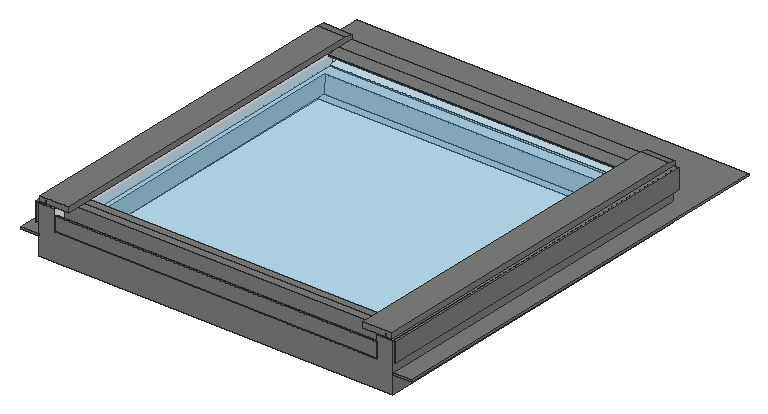
Revit family "GIU_v_2.5", category Windows, host Roof, Revit 2014
Parameters (values of type "GIU size 940x920 (PK34)")
  g-value = "0.48"
  Youtube clip = ""
  Within Standard Sizes = or(and(Width = 780.000 mm, Height = 920.000 mm), and(Width = 940.000 mm, Height = 920.000 mm), and(Width = 1140.000 mm, Height = 920.000 mm), and(Width = 1340.000 mm, Height = 920.000 mm), and(Width = 1340.000 mm, Height = 920.000 mm))  # yes
  WindowArea m² = 0.8648
  Width = 940.000 mm
  Water Tightness Class = "9A"
  WarrantyStartDate = ""
  WarrantyGuarantorParts = ""
  WarrantyGuarantorLabour = ""
  WarrantyDurationParts = ""
  WarrantyDurationLabour = ""
  WarrantyDescription = ""
  Warranty Years = "5 (10 with BDX)"
  VELUX Internal accessories = ""
  VELUX Installation products = ""
  VELUX Flashing = ""
  VELUX External accessories = ""
  Ultraviolet Transmittance = "0.05"
  URL = "www.velux.com"
  ThermalTransmittance(window) W/(m²K) = 1.2
  ThermalTransmittance(glazing) W/(m²K) = 1
  ThermalTransmittance(frame) W/m²K = 1.3
  ThermalTransmittance = "1.3"
  ThermalBridge(glazing) W/mK = 0.057
  ThermalBridge(Installation) W/mK = 0.09
  Thermal Resistance (R) = 0.833333 (m²·K)/W
  Technical description = ""
  TagNumber = ""
  SustainabilityPerformance = ""
  Square Reveal Length = 100.000 mm
  Specification Link = ""
  Sound Insulation db = 35
  SmokeStop = no
  Size = "GIU size 940x920 (PK34)"
  Shape = ""
  ServiceLifeType = ""
  ServiceLifeDuration = ""
  SerialNumber = ""
  SecurityRating = ""
  Roof Slope = 45.00°
  ReplacementCost = ""
  ReferenceStandard = "www.velux.com/ce"
  Reference = ""
  ProductionYear = ""
  Product certification = "www.velux.com/ce"
  Process = ""
  Placement Height = 0.000 mm
  PerimeterWindow m = 3.72
  PerimeterGlazing m = 2.9746
  Other VELUX accessories = ""
  Operation Mode = "Fixed"
  Offset from Roof = Placement Height + 116.000 mm  # 116.000 mm
  NominalWidth = "940"
  NominalLength = ""
  NominalHeight = "920"
  ModelReference = "GIU size 940x920 (PK34)"
  ModelLabel = ""
  Model = "New Generation - GIU"
  MethodOfMeasurement = ""
  Material Internal = Polyurethane color NCS 0500-N
  Material External = Aluminium. Color NCS 7500-N
  Material = "Aluminium. Color NCS 7500-N"
  Manufacturer URL = "VELUX A/S"
  Manufacturer = "VELUX A/S"  # constant formula
  Light transmittance = "0.71"
  LifeCyclePhase = ""
  Labeling - Environmental impact = ""
  IsExternal = yes
  InstallationDate = ""
  Installation instructions = "http://www.velux.co.uk/professional/products/installation-instructions"
  Infiltration = ""
  Height = 920.000 mm
  Grade = ""
  GlazingAreaFraction = ""
  Glazing = Standard, laminted, solar gain, low energy (--73)
  GlassArea m² = 0.56
  Function = "Fixed roof window"
  FrameArea m² = 0.3048
  FireRating = "E"
  Finish = "Polyurethane color NCS 0500-N"
  Features = "Fixed roof window"
  Emergency Exit = 1 > 2  # no
  Documentation = ""
  DocumentReference = ""
  Disclaimer = "When installing VELUX roof windows the costumer must make sure to meet local applicable building and fire requirements. VELUX shall not be liable for the objects/drawings and the constructional quality of the installation. Please contact VELUX for technical specifications of VELUX roof windows, flashings, installations products and internal/external accessories."
  Description = "http://www.velux.co.uk/products/roof-windows/combining-roof-windows"
  Date of publishing = ""
  Count = "1"
  Cost = 0
  Copyright = "VELUX A/S"  # constant formula
  Constituents = ""
  Colour = "Aluminium. Color NCS 7500-N"
  CodePerformance = ""
  BarCode = ""
  AssetIdentifier = ""
  Assembly Code = "B3020110"
  Apron Visible [instance] = yes
  Apron Material = Two layers of aluminium
  Angled opening bottom [instance] = 90.00°
  Allowed Roof Slope = "15°-90°"
  Air permeability Class = "4"
  AcousticRating = "35"
  AccessibilityPerformance = ""
  2d details = "http://www.velux.co.uk/professional/products/cad-bim/product-sectional-drawings/package-drawings"
Types (4, lengths in mm): name | WindowArea m² | Width | Size | PerimeterWindow m | PerimeterGlazing m | NominalWidth | ModelReference | Installation instructions | GlassArea m² | FrameArea m²
  GIU size 1340x920 (UK34) | 1.2328 | 1340.000 | "GIU size 1340x920 (UK34)" | 4.52 | 3.7746 | "1340" | "GIU size 1340x920 (UK34)" | "http://www.velux.co.uk/professional/products/installation-instructions" | 0.85 | 0.3828
  GIU size 940x920 (PK34) | 0.8648 | 940.000 | "GIU size 940x920 (PK34)" | 3.72 | 2.9746 | "940" | "GIU size 940x920 (PK34)" | "http://www.velux.co.uk/professional/products/installation-instructions" | 0.56 | 0.3048
  GIU size 1140x920 (SK34) | 1.0488 | 1140.000 | "GIU size 1140x920 (SK34)" | 4.12 | 3.3746 | "1140" | "GIU size 1140x920 (SK34)" | "http://www.velux.co.uk/professional/products/installation-instructions" | 0.7 | 0.3488
  GIU size 780x920 (MK34) | 0.7176 | 780.000 | "GIU size 780x920 (MK34)" | 3.4 | 2.6546 | "780" | "GIU size 780x920 (MK34)" | "http://www.velux.co.uk/professional/products/installation-instructions " | 0.44 | 0.2776
Reference planes
  plane 1 "Center (Front/Back)": y = 0
  plane 2 "Roof": z = 3997.4
  plane 3 "Center (Left/Right)": x = 0
  plane 4: y = -474.63
  plane 5: y = 474.63
  plane 6: z = 4397.4
  plane 7: x = 428
  plane 8: x = -428
  plane 9: x = -470
  plane 10: x = 470
  plane 11: z = 4547.4
  plane 12: x = -378
  plane 13: x = 378
  plane 14: x = -368
  plane 15: x = 368
  plane 16: x = 439
  plane 17: x = -439
  plane 18: x = 417
  plane 19: x = -417
  plane 20: x = 459
  plane 21: x = -459
  plane 22: y = -414.63
  plane 23: y = -351.13
  plane 24: y = -361.13
  plane 25: y = -392.23
  plane 26 "A": y = 494.63
  plane 27 "Glass bottom": y = 399.63
  plane 28: x = -394.5
  plane 29: x = 394.5
  plane 30: z = 4447.4
  plane 31: z = 4572.4
  plane 32: x = -490
  plane 33: x = 490
  plane 34 "Roof Face": z = 4497.4
  plane 35: y = -485.13
  plane 36: y = -351.13
  plane 37: y = -396.33
  plane 38: y = -477.53
  plane 39: y = 505.37
  plane 40: y = -448.43
  plane 41 "Height": y = 494.37
  plane 42: x = 442.697
  plane 43: x = -442.697
  plane 44: y = 516.636
  plane 45: y = 516.636
  plane 46: x = 393.9
  plane 47: x = -393.9
  plane 48: x = 393.9
  plane 49: x = -393.9
  plane 50: y = -425.63
  plane 51: y = -425.63
  plane 52: y = -425.63
  plane 53: y = -425.63
  plane 54: y = -425.63
  plane 55: y = -425.63
  plane 56: y = -425.63
  plane 57 "Bottom fine profile": y = 457.79
  plane 58: y = 452.09
  plane 59: y = 452.09
  plane 60: y = 445.03
  plane 61: y = 445.03
  plane 62: y = 445.03
  plane 63: z = 4613.4
  plane 64 "B": y = -425.63
  plane 65: x = 520
Forms (mm)
  Extrusion 1, void
    sketch origin (0, 0, 0) x (0, 1, 0) y (0, 0, 1)
      loop
        line (-625.63, 4497.4) -> (-625.63, 3997.4) -> (494.37, 3997.4) -> (494.37, 4237.837) -> (494.37, 4497.4) -> (-625.63, 4497.4)
    from -442.697 to 442.697
  Extrusion 2, solid, material "Standard, laminted, solar gain, low energy (--73)" <- "Glazing", detail levels fine
    sketch origin (-69.616, -2024.556, 4447.4) x (-1, 0, 0) y (0, 1, 0)
      loop
        line (323.084, 2469.587) -> (-462.316, 2469.587) -> (-462.316, 1673.426) -> (323.084, 1673.426) -> (323.084, 2469.587)
    from -104 to -100
  Sweep 3, solid, material "Aluminium. Color NCS 7500-N" <- "Material External", detail levels medium+fine
    path origin (-69.616, -2024.556, 4447.4) x (-1, 0, 0) y (0, -1, 0)
      loop
        line (358.384, -2529.926) -> (358.384, -1598.926)
    profile origin (-428, 39.87, 4447.4) x (1, 0, 0) y (0, 0, 1)
      loop
        line (-42, 130.2) -> (-42, 3) -> (-5.757, 3) -> (0, 41.5) -> (0, 130.2) -> (-42, 130.2)
  Sweep 4, solid, material "Aluminium. Color NCS 7500-N" <- "Material External", detail levels medium+fine
    path origin (-69.616, -2024.556, 4447.4) x (-1, 0, 0) y (0, -1, 0)
      loop
        line (-497.616, -2529.926) -> (-497.616, -1598.926)
    profile origin (428, 39.87, 4447.4) x (1, 0, 0) y (0, 0, 1)
      loop
        line (0, 130.2) -> (0, 41.5) -> (5.753, 3) -> (42, 3) -> (42, 130.2) -> (0, 130.2)
  Sweep 5, solid, material "Aluminium. Color NCS 7500-N" <- "Material External", detail levels fine
    path origin (-69.616, -2024.556, 4447.4) x (-1, 0, 0) y (0, -1, 0)
      loop
        line (358.384, -1549.926) -> (-497.616, -1549.926)
    profile origin (0, -474.63, 4447.4) x (0, 1, 0) y (0, 0, 1)
      loop
        line (80.161, 131.9) -> (100.161, 131.9) -> (100.161, 133.9) -> (78.161, 133.9) -> (78.161, 96.588)
        arc (78.161, 96.588) -> (72.889, 83.86) -> (60.161, 78.588) r 18
        line (60.161, 78.588) -> (51, 78.588) -> (51, 113.9) -> (49, 113.9) -> (49, 76.588) -> (61.381, 76.588)
        arc (61.381, 76.588) -> (74.66, 82.089) -> (80.161, 95.368) r 18.78
        line (80.161, 95.368) -> (80.161, 131.9)
  Sweep 6, solid, material "Aluminium. Color NCS 7500-N" <- "Material External", detail levels medium+fine
    path origin (-69.616, -2024.556, 4447.4) x (-1, 0, 0) y (0, -1, 0)
      loop
        line (358.384, -2541.693) -> (358.384, -1598.926)
    profile origin (-428, 45.753, 4447.4) x (1, 0, 0) y (0, 0, 1)
      loop
        line (36.2, 148) -> (-39.2, 148) -> (-39.2, 134.036) -> (36.2, 134.036) -> (36.2, 148)
  Sweep 7, solid, material "Aluminium. Color NCS 7500-N" <- "Material External", detail levels medium+fine
    path origin (-69.616, -2024.556, 4447.4) x (-1, 0, 0) y (0, -1, 0)
      loop
        line (389.384, -1549.926) -> (-528.616, -1549.926)
    profile origin (0, -474.63, 4447.4) x (0, 1, 0) y (0, 0, 1)
      loop
        line (49, 74.088) -> (49, 3) -> (60.923, 3) -> (80.161, 32.588) -> (80.161, 74.088) -> (49, 74.088)
  Sweep 8, solid, material "Polyurethane color NCS 0500-N" <- "Material Internal", detail levels fine
    path origin (-69.616, -2024.556, 4447.4) x (-1, 0, 0) y (0, -1, 0)
      loop
        line (358.384, -2499.187) -> (-497.616, -2499.187)
    profile origin (0, 474.63, 4447.4) x (0, 1, 0) y (0, 0, 1)
      loop
        line (-16.841, 58.3) -> (-16.841, 3) -> (19.739, 3) -> (19.739, 104.22) -> (7.118, 101.699) -> (-4.511, 58.3) -> (-16.841, 58.3)
  Sweep 9, solid, material "Polyurethane color NCS 0500-N" <- "Material Internal", detail levels fine
    path origin (-69.616, -2024.556, 4447.4) x (-1, 0, 0) y (0, -1, 0)
      loop
        line (324.284, -2499.187) -> (-463.516, -2499.187)
    profile origin (0, 474.63, 4447.4) x (0, 1, 0) y (0, 0, 1)
      loop
        line (-22.541, 41.488) -> (-22.541, 64) -> (-8.929, 64) -> (1.763, 103.9) -> (-29.6, 103.9) -> (-29.6, 100) -> (-62.361, 100) -> (-49.658, 41.488) -> (-22.541, 41.488)
  Sweep 10, solid, material "Polyurethane color NCS 0500-N" <- "Material Internal", detail levels fine
    path origin (-69.616, -2024.556, 4447.4) x (-1, 0, 0) y (0, -1, 0)
      loop
        line (-508.616, -2476.646) -> (-508.616, -1632.326)
    profile origin (439, 29.93, 4447.4) x (1, 0, 0) y (0, 0, 1)
      loop
        line (-11, 41.5) -> (-11, 129.9) -> (-46.3, 129.9) -> (-46.3, 100) -> (-59, 100) -> (-46.3, 41.5) -> (-11, 41.5)
  Sweep 11, solid, material "Aluminium. Color NCS 7500-N" <- "Material External", detail levels medium+fine
    path origin (-69.616, -2024.556, 4447.4) x (-1, 0, 0) y (0, -1, 0)
      loop
        line (-497.616, -2541.693) -> (-497.616, -1598.926)
    profile origin (428, 45.753, 4447.4) x (1, 0, 0) y (0, 0, 1)
      loop
        line (-36.2, 148) -> (-36.2, 134.036) -> (39.2, 134.036) -> (39.2, 148) -> (-36.2, 148)
  Sweep 12, solid, material "Aluminium. Color NCS 7500-N" <- "Material External", detail levels fine
    path origin (-69.616, -2024.556, 4447.4) x (-1, 0, 0) y (0, -1, 0)
      loop
        line (389.384, -2499.187) -> (-528.616, -2499.187)
    profile origin (0, 474.63, 4447.4) x (0, 1, 0) y (0, 0, 1)
      loop
        line (-38.519, 129) -> (-0.994, 129) -> (-0.994, 123) -> (49.364, 123) -> (49.364, 80) -> (51.364, 80) -> (51.364, 125) -> (1.006, 125) -> (1.006, 131) -> (-38.519, 131) -> (-38.519, 129)
  Extrusion 13, solid, material "Standard, laminted, solar gain, low energy (--73)" <- "Glazing", detail levels fine
    sketch origin (-69.616, -2024.556, 4447.4) x (-1, 0, 0) y (0, 1, 0)
      loop
        line (323.084, 2469.587) -> (-462.316, 2469.587) -> (-462.316, 1673.426) -> (323.084, 1673.426) -> (323.084, 2469.587)
    from -121 to -125
  Sweep 14, solid, material "Aluminium. Color NCS 7500-N" <- "Material External", detail levels fine
    path origin (-69.616, -2024.556, 4447.4) x (-1, 0, 0) y (0, -1, 0)
      loop
        line (358.384, -2541.193) -> (358.384, -1598.926)
    profile origin (-428, 45.503, 4447.4) x (1, 0, 0) y (0, 0, 1)
      loop
        line (-23.952, 131.35) -> (-50.102, 131.35) -> (-50.102, 80.7) -> (-49.102, 80.7) -> (-49.102, 130.35) -> (-22.952, 130.35) -> (-22.952, 140.85) -> (-23.952, 140.85) -> (-23.952, 131.35)
  Sweep 15, solid, material "Aluminium. Color NCS 7500-N" <- "Material External", detail levels fine
    path origin (69.616, -2024.556, 4447.4) x (-1, 0, 0) y (0, -1, 0)
      loop
        line (-358.384, -2541.193) -> (-358.384, -1598.926)
    profile origin (428, 45.503, 4447.4) x (1, 0, 0) y (0, 0, 1)
      loop
        line (23.952, 131.35) -> (23.952, 140.85) -> (22.952, 140.85) -> (22.952, 130.35) -> (49.102, 130.35) -> (49.102, 80.7) -> (50.102, 80.7) -> (50.102, 131.35) -> (23.952, 131.35)
  Extrusion 16, solid, material "Two layers of aluminium" <- "Apron Material", visible <- "Apron Visible", detail levels medium+fine
    sketch origin (0, 0, 4497.4) x (0, 1, 0) y (-1, 0, 0)
      loop
        line (494.37, 470) -> (494.37, -470) -> (-425.63, -470) -> (-425.63, -520) -> (694.37, -520) -> (694.37, 520) -> (-425.63, 520) -> (-425.63, 470) -> (494.37, 470)
    from 0 to 5
  Sweep 17, void
    path origin (-428, 517.136, 4447.4) x (-1, 0, 0) y (0, 0, 1)
      loop
        line (39.2, 148) -> (-36.2, 148)
    profile origin (-429.5, 517.136, 4595.4) x (0, 0, -1) y (0, 1, 0)
      loop
        line (0, 0) -> (0, -20) -> (4, 0) -> (0, 0)
  Sweep 18, void
    path origin (428, 517.136, 4447.4) x (-1, 0, 0) y (0, 0, 1)
      loop
        line (36.2, 148) -> (-39.2, 148)
    profile origin (429.5, 517.136, 4595.4) x (0, 0, -1) y (0, 1, 0)
      loop
        line (0, 0) -> (0, -20) -> (4, 0) -> (0, 0)
  Sweep 19, solid, material "Aluminium. Color NCS 7500-N" <- "Material External", detail levels medium
    path origin (-69.616, -2024.556, 4447.4) x (-1, 0, 0) y (0, -1, 0)
      loop
        line (358.384, -2499.187) -> (-497.616, -2499.187)
    profile origin (0, 474.63, 4447.4) x (0, 1, 0) y (0, 0, 1)
      loop
        line (-16.841, 39.488) -> (-16.841, 3) -> (19.739, 3) -> (19.739, 100) -> (0, 100) -> (0, 39.488) -> (-16.841, 39.488)
  Sweep 20, solid, material "Polyurethane color NCS 0500-N" <- "Material Internal", detail levels medium
    path origin (-69.616, -2024.556, 4447.4) x (-1, 0, 0) y (0, -1, 0)
      loop
        line (324.284, -2499.187) -> (-463.516, -2499.187)
    profile origin (0, 474.63, 4447.4) x (0, 1, 0) y (0, 0, 1)
      loop
        line (-3.9, 41.488) -> (-3.9, 103.9) -> (23.639, 103.9) -> (23.639, 125) -> (1.006, 131) -> (-29.6, 131) -> (-29.6, 100) -> (-62.361, 100) -> (-49.658, 41.488) -> (-3.9, 41.488)
  Extrusion 21, solid, material "Standard, laminted, solar gain, low energy (--73)" <- "Glazing", detail levels coarse+medium
    sketch origin (-69.616, -2024.556, 4447.4) x (-1, 0, 0) y (0, 1, 0)
      loop
        line (323.084, 1673.426) -> (323.084, 2469.587) -> (-462.316, 2469.587) -> (-462.316, 1673.426) -> (323.084, 1673.426)
    from -100 to -125
  Sweep 22, solid, material "Polyurethane color NCS 0500-N" <- "Material Internal", detail levels medium
    path origin (-69.616, -2024.556, 4447.4) x (-1, 0, 0) y (0, -1, 0)
      loop
        line (-508.616, -2499.187) -> (-508.616, -1632.326)
    profile origin (439, 41.2, 4447.4) x (1, 0, 0) y (0, 0, 1)
      loop
        line (-11, 41.5) -> (-11, 129.9) -> (-46.3, 129.9) -> (-46.3, 100) -> (-59, 100) -> (-46.3, 41.5) -> (-11, 41.5)
  Sweep 23, solid, material "Aluminium. Color NCS 7500-N" <- "Material External", detail levels coarse
    path origin (-69.616, -2024.556, 4447.4) x (-1, 0, 0) y (0, -1, 0)
      loop
        line (389.384, -1549.926) -> (-528.616, -1549.926)
    profile origin (0, -474.63, 4447.4) x (0, 1, 0) y (0, 0, 1)
      loop
        line (49, 130.2) -> (49, 41.5) -> (123.4, 41.5) -> (136.1, 100) -> (123.5, 100) -> (123.5, 130.2) -> (49, 130.2)
  Sweep 24, solid, material "Aluminium. Color NCS 7500-N" <- "Material External", detail levels coarse
    path origin (-69.616, -2024.556, 4447.4) x (-1, 0, 0) y (0, -1, 0)
      loop
        line (358.384, -2499.187) -> (-497.616, -2499.187)
    profile origin (0, 474.63, 4447.4) x (0, 1, 0) y (0, 0, 1)
      loop
        line (19.739, 130.2) -> (-29.6, 130.2) -> (-29.6, 100) -> (-62.361, 100) -> (-49.661, 41.5) -> (19.739, 41.5) -> (19.739, 130.2)
  Sweep 25, solid, material "Aluminium. Color NCS 7500-N" <- "Material External", detail levels coarse
    path origin (-69.616, -2024.556, 4447.4) x (-1, 0, 0) y (0, -1, 0)
      loop
        line (358.384, -2518.926) -> (358.384, -1598.926)
    profile origin (-428, 34.37, 4447.4) x (1, 0, 0) y (0, 0, 1)
      loop
        line (-42, 148) -> (-42, 41.5) -> (35.3, 41.5) -> (48, 100) -> (35.3, 100) -> (35.3, 148) -> (-42, 148)
  Sweep 26, solid, material "Aluminium. Color NCS 7500-N" <- "Material External", detail levels coarse
    path origin (-69.616, -2024.556, 4447.4) x (-1, 0, 0) y (0, -1, 0)
      loop
        line (-497.616, -2518.926) -> (-497.616, -1598.926)
    profile origin (428, 34.37, 4447.4) x (1, 0, 0) y (0, 0, 1)
      loop
        line (-35.3, 148) -> (-35.3, 100) -> (-48, 100) -> (-35.3, 41.5) -> (42, 41.5) -> (42, 148) -> (-35.3, 148)
  Sweep 27, solid, material "Polyurethane color NCS 0500-N" <- "Material Internal", detail levels fine
    path origin (-69.616, -2024.556, 4447.4) x (-1, 0, 0) y (0, -1, 0)
      loop
        line (369.384, -2476.646) -> (369.384, -1632.326)
    profile origin (-439, 29.93, 4447.4) x (1, 0, 0) y (0, 0, 1)
      loop
        line (46.3, 100) -> (46.3, 129.9) -> (11, 129.9) -> (11, 41.5) -> (46.3, 41.5) -> (59, 100) -> (46.3, 100)
  Sweep 28, solid, material "Polyurethane color NCS 0500-N" <- "Material Internal", detail levels fine
    path origin (-69.616, -2024.556, 4447.4) x (-1, 0, 0) y (0, -1, 0)
      loop
        line (358.384, -1628.226) -> (-497.616, -1628.226)
    profile origin (0, -396.33, 4447.4) x (0, 1, 0) y (0, 0, 1)
      loop
        line (45.1, 100) -> (45.1, 129.9) -> (4.1, 129.9) -> (4.1, 41.5) -> (45.1, 41.5) -> (57.8, 100) -> (45.1, 100)
  Sweep 29, solid, material "Polyurethane color NCS 0500-N" <- "Material Internal", detail levels medium
    path origin (-69.616, -2024.556, 4447.4) x (-1, 0, 0) y (0, -1, 0)
      loop
        line (369.384, -2499.187) -> (369.384, -1632.326)
    profile origin (-439, 41.2, 4447.4) x (1, 0, 0) y (0, 0, 1)
      loop
        line (46.3, 100) -> (46.3, 129.9) -> (11, 129.9) -> (11, 41.5) -> (46.3, 41.5) -> (59, 100) -> (46.3, 100)
  Sweep 30, solid, material "Polyurethane color NCS 0500-N" <- "Material Internal", detail levels medium
    path origin (-69.616, -2024.556, 4447.4) x (-1, 0, 0) y (0, -1, 0)
      loop
        line (358.384, -1628.226) -> (-497.616, -1628.226)
    profile origin (0, -396.33, 4447.4) x (0, 1, 0) y (0, 0, 1)
      loop
        line (45.1, 100) -> (45.1, 129.9) -> (4.1, 129.9) -> (4.1, 41.5) -> (45.1, 41.5) -> (57.8, 100) -> (45.1, 100)
  Extrusion 31, solid, material "Aluminium. Color NCS 7500-N" <- "Material External", detail levels medium
    sketch origin (-428, 457.79, 4450.4) x (1, 0, 0) y (0, 0, 1)
      loop
        line (856, 38.5) -> (856, 0) -> (861.753, 0) -> (856, 38.5)
    from 0 to -36.58
  Extrusion 32, solid, material "Polyurethane color NCS 0500-N" <- "Material Internal", detail levels fine
    sketch origin (-428, 457.79, 4450.4) x (1, 0, 0) y (0, 0, 1)
      loop
        line (856, 38.5) -> (856, 0) -> (861.753, 0) -> (856, 38.5)
    from 0 to -36.58
  Extrusion 33, solid, material "Aluminium. Color NCS 7500-N" <- "Material External", detail levels medium
    sketch origin (-428, 457.79, 4450.4) x (1, 0, 0) y (0, 0, 1)
      loop
        line (-5.757, 0) -> (0, 0) -> (0, 38.5) -> (-5.757, 0)
    from 0 to -36.58
  Extrusion 34, solid, material "Polyurethane color NCS 0500-N" <- "Material Internal", detail levels fine
    sketch origin (-428, 457.79, 4450.4) x (1, 0, 0) y (0, 0, 1)
      loop
        line (-5.757, 0) -> (0, 0) -> (0, 38.5) -> (-5.757, 0)
    from 0 to -36.58
Cuts and joins
  Sweep 17, Sweep 18 cuts Sweep 3
  Sweep 17, Sweep 18 cuts Sweep 4
  Sweep 17, Sweep 18 cuts Sweep 7
  joined: Sweep 3, Sweep 4, Sweep 7
  Sweep 17 cuts Sweep 6
  Sweep 18 cuts Sweep 11
  Sweep 17, Sweep 18 cuts Sweep 5
  joined: Sweep 23, Sweep 24, Sweep 25, Sweep 26
  joined: Sweep 19, Extrusion 31, Extrusion 33
  joined: Sweep 20, Sweep 22, Sweep 29, Sweep 30
  joined: Sweep 9, Sweep 10, Sweep 27, Sweep 28
  joined: Sweep 8, Extrusion 32, Extrusion 34
Lines and regions (mm)
  reference lines
    curve 1: line (0, 494.37, 4397.4) -> (0, 494.37, 4122.4)
Dimensions and locks
  equal spacing: host sketch curve, plane 3 "Center (Left/Right)", host sketch curve
  equal spacing: host sketch curve, plane 1 "Center (Front/Back)", host sketch curve
  equal spacing: plane 8, plane 3 "Center (Left/Right)", plane 7
  "Width": plane 9 to plane 10
  equal spacing: plane 5, plane 1 "Center (Front/Back)", plane 4
  locked: plane 9 to plane 8 at 42
  locked: plane 7 to plane 10 at 42
  locked: plane 13 to plane 7 at 50
  locked: plane 8 to plane 12 at 50
  locked: plane 12 to plane 14 at 10
  locked: plane 15 to plane 13 at 10
  locked: plane 7 to plane 16 at 11
  locked: plane 17 to plane 8 at 11
  locked: plane 18 to plane 7 at 11
  locked: plane 8 to plane 19 at 11
  locked: plane 20 to plane 10 at 11
  locked: plane 9 to plane 21 at 11
  locked: plane 11 to plane 30 at 100
  plane 23 to plane 22 to plane 4 = 63.500 mm locked, 60.000 mm locked
  locked: plane 24 to plane 23 at 10
  locked: plane 22 to plane 25 at 22.4
  plane 5 to plane 27 "Glass bottom" = 75.000 mm
  locked: plane 26 "A" to plane 5 at 20
  locked: plane 29 to plane 13 at 16.5
  locked: plane 12 to plane 28 at 16.5
  locked: plane 31 to plane 11 at 25
  locked: plane 33 to plane 10 at 20
  locked: plane 9 to plane 32 at 20
  locked: host roof to plane 34 "Roof Face" at 0
  locked: plane 4 to plane 35 at 10.5
  locked: plane 36 to plane 35 at 134
  locked: plane 37 to plane 22 at 18.3
  locked: plane 4 to plane 38 at 2.9
  plane 8 to plane 32 = 62.000 mm
  plane 33 to plane 7 = 62.000 mm
  locked: plane 40 to plane 4 at 26.2
  locked: plane 39 to plane 5 at 30.739
  "Height": plane 41 "Height" to plane 64 "B"
  locked: plane 41 "Height" to Extrusion 16 sketch curve at 200
  locked: plane 39 to plane 41 "Height" at 11
  locked: plane 43 to plane 17 at 3.697
  locked: plane 42 to plane 16 at 3.697
  locked: plane 28 to Extrusion 21 sketch curve at 1.8
  locked: Extrusion 21 sketch curve to plane 29 at 1.8
  locked: Extrusion 13 sketch curve to plane 29 at 1.8
  locked: plane 28 to Extrusion 13 sketch curve at 1.8
  locked: plane 28 to Extrusion 2 sketch curve at 1.8
  locked: Extrusion 2 sketch curve to plane 29 at 1.8
  locked: plane 44 to plane 39 at 11.267
  locked: plane 45 to plane 39 at 11.267
  locked: plane 46 to plane 29 at 0.6
  locked: plane 28 to plane 47 at 0.6
  locked: plane 48 to plane 29 at 0.6
  locked: plane 28 to plane 49 at 0.6
  locked: Extrusion 16 sketch curve to plane 9 at 50
  locked: plane 10 to Extrusion 16 sketch curve at 50
  plane 50 to plane 40 = 22.800 mm
  locked: plane 51 to plane 40 at 22.8
  locked: plane 52 to plane 40 at 22.8
  locked: plane 53 to plane 40 at 22.8
  locked: plane 54 to plane 40 at 22.8
  locked: plane 55 to plane 40 at 22.8
  locked: plane 40 to plane 56 at 22.8
  locked: plane 57 "Bottom fine profile" to plane 41 "Height" at 36.58
  locked: plane 58 to plane 57 "Bottom fine profile" at 5.7
  locked: plane 59 to plane 57 "Bottom fine profile" at 5.7
  locked: plane 60 to plane 27 "Glass bottom" at 45.4
  locked: plane 61 to plane 27 "Glass bottom" at 45.4
  locked: plane 62 to plane 27 "Glass bottom" at 45.4
  locked: Extrusion 1 sketch curve to plane 40 at 177.2
  locked: plane 64 "B" to plane 22 at 11
  locked: plane 7 to plane 65 at 92
  "Square Reveal Length": plane 34 "Roof Face" to plane 6
  locked: plane 30 to plane 63 at 166
  "Offset from Roof": plane 34 "Roof Face" to plane 63
  "Angled opening bottom": angle curve 1 to plane 6
  aligned and locked: level to plane 2 "Roof"
  aligned: plane 7 to Extrusion 1
  aligned: Extrusion 1 to plane 8
  aligned and locked: plane 11 to Extrusion 2
  aligned and locked: plane 8 to Sweep 3 sketch curve
  aligned and locked: Sweep 4 sketch curve to plane 7
  aligned and locked: Sweep 5 sketch curve to plane 4
  aligned and locked: plane 8 to Sweep 6 sketch curve
  aligned and locked: Sweep 7 sketch curve to plane 4
  aligned and locked: plane 20 to Sweep 7 sketch curve
  aligned and locked: plane 21 to Sweep 7 sketch curve
  aligned and locked: Sweep 8 sketch curve to plane 5
  aligned and locked: Sweep 9 sketch curve to plane 5
  aligned and locked: plane 16 to Sweep 10 sketch curve
  aligned and locked: host roof to Extrusion 1 sketch curve
  aligned and locked: Extrusion 1 sketch curve to host roof
  aligned and locked: Sweep 11 sketch curve to plane 7
  aligned and locked: plane 5 to Sweep 12 sketch curve
  aligned and locked: plane 20 to Sweep 12 sketch curve
  aligned and locked: plane 21 to Sweep 12 sketch curve
  aligned and locked: Sweep 14 sketch curve to plane 8
  aligned and locked: Sweep 15 sketch curve to plane 7
  aligned and locked: Sweep 17 sketch curve to Sweep 6  (x2)
  aligned and locked: Sweep 6 to Sweep 17 sketch curve
  aligned and locked: Sweep 18 sketch curve to Sweep 11  (x2)
  aligned and locked: Sweep 11 to Sweep 18 sketch curve
  aligned and locked: Extrusion 16 sketch curve to plane 9
  aligned and locked: Extrusion 16 sketch curve to plane 10
  aligned and locked: Sweep 8 sketch curve to plane 41 "Height"
  aligned and locked: Extrusion 16 sketch curve to plane 41 "Height"
  aligned and locked: plane 43 to Extrusion 1
  aligned and locked: plane 42 to Extrusion 1
  aligned and locked: Extrusion 13 sketch curve to plane 36
  aligned and locked: Extrusion 2 sketch curve to plane 36
  aligned and locked: Sweep 19 sketch curve to plane 5
  aligned and locked: plane 8 to Sweep 19 sketch curve
  aligned and locked: plane 7 to Sweep 19 sketch curve
  aligned and locked: Sweep 20 sketch curve to plane 5
  aligned and locked: plane 36 to Extrusion 21 sketch curve
  aligned and locked: plane 44 to Sweep 15 sketch curve
  aligned and locked: plane 45 to Sweep 14 sketch curve
  aligned and locked: plane 46 to Sweep 20 sketch curve
  aligned and locked: plane 47 to Sweep 20 sketch curve
  aligned and locked: Sweep 9 sketch curve to plane 49
  aligned and locked: plane 48 to Sweep 9 sketch curve
  aligned and locked: Sweep 22 sketch curve to plane 16
  aligned and locked: plane 5 to Sweep 22 sketch curve
  aligned and locked: plane 7 to Sweep 5 sketch curve
  aligned and locked: plane 8 to Sweep 5 sketch curve
  aligned and locked: Sweep 23 sketch curve to plane 4
  aligned and locked: plane 20 to Sweep 23 sketch curve
  aligned and locked: plane 21 to Sweep 23 sketch curve
  aligned and locked: Sweep 24 sketch curve to plane 5
  aligned and locked: plane 7 to Sweep 24 sketch curve
  aligned and locked: plane 8 to Sweep 24 sketch curve
  aligned and locked: Sweep 25 sketch curve to plane 8
  aligned and locked: Sweep 26 sketch curve to plane 7
  aligned and locked: plane 41 "Height" to Sweep 26 sketch curve
  aligned and locked: plane 41 "Height" to Sweep 25 sketch curve
  aligned and locked: plane 7 to Sweep 28 sketch curve
  aligned and locked: plane 8 to Sweep 28 sketch curve
  aligned and locked: Sweep 27 sketch curve to plane 17
  aligned and locked: plane 37 to Sweep 28 sketch curve
  aligned and locked: plane 25 to Sweep 27 sketch curve
  aligned and locked: plane 25 to Sweep 10 sketch curve
  aligned and locked: plane 37 to Sweep 30 sketch curve
  aligned and locked: plane 7 to Sweep 30 sketch curve
  aligned and locked: plane 8 to Sweep 30 sketch curve
  aligned and locked: Sweep 29 sketch curve to plane 17
  aligned and locked: plane 5 to Sweep 29 sketch curve
  aligned and locked: plane 25 to Sweep 29 sketch curve
  aligned and locked: plane 25 to Sweep 22 sketch curve
  aligned and locked: plane 50 to Sweep 4 sketch curve
  aligned and locked: plane 51 to Sweep 3 sketch curve
  aligned and locked: plane 52 to Extrusion 16 sketch curve  (x2)
  aligned and locked: plane 53 to Sweep 25 sketch curve
  aligned and locked: plane 54 to Sweep 26 sketch curve
  aligned and locked: plane 55 to Sweep 11 sketch curve
  aligned and locked: plane 56 to Sweep 6 sketch curve
  aligned and locked: plane 58 to Sweep 10 sketch curve
  aligned and locked: plane 59 to Sweep 27 sketch curve
  aligned and locked: Extrusion 21 sketch curve to plane 60
  aligned and locked: Extrusion 13 sketch curve to plane 61
  aligned and locked: Extrusion 2 sketch curve to plane 62
  aligned and locked: curve 1 to Extrusion 1 sketch curve
  aligned and locked: Extrusion 1 sketch curve to plane 41 "Height"
  aligned and locked: plane 64 "B" to Sweep 14 sketch curve
  aligned and locked: plane 64 "B" to Sweep 15 sketch curve
Automatic sketch dimensions
  Sweep 6 sketch curve to plane 26 "A" = 22.506 mm
  Sweep 8 sketch curve to plane 7 = 0.000 mm
  Sweep 8 sketch curve to plane 8 = 0.000 mm
  Sweep 11 sketch curve to plane 26 "A" = 22.506 mm
  Sweep 3 sketch curve to plane 26 "A" = 10.739 mm
  Sweep 4 sketch curve to plane 26 "A" = 10.739 mm
  Sweep 5 sketch curve to profile plane = 49.000 mm
  Sweep 5 sketch curve to Sweep 5 sketch curve = 2.000 mm  (x4)
  Sweep 5 sketch curve to Sweep 5 sketch curve = 9.161 mm
  Sweep 5 sketch curve to Sweep 5 sketch curve = 1.220 mm
  Sweep 5 sketch curve to Sweep 5 sketch curve = 27.161 mm
  Sweep 5 sketch curve to Sweep 5 sketch curve = 20.000 mm
  profile plane to Sweep 5 sketch curve = 76.588 mm
  Sweep 5 sketch curve to Sweep 5 sketch curve = 17.312 mm
  Sweep 5 sketch curve to Sweep 5 sketch curve = 35.312 mm
  profile plane to Sweep 6 sketch curve = 39.200 mm
  Sweep 6 sketch curve to profile plane = 36.200 mm
  profile plane to Sweep 6 sketch curve = 134.036 mm
  Sweep 6 sketch curve to Sweep 6 sketch curve = 13.964 mm
  Sweep 8 sketch curve to profile plane = 7.118 mm
  Sweep 8 sketch curve to Sweep 8 sketch curve = 0.000 mm
  profile plane to Sweep 8 sketch curve = 4.511 mm
  Sweep 8 sketch curve to Sweep 8 sketch curve = 12.330 mm
  profile plane to Sweep 8 sketch curve = 58.300 mm
  Sweep 8 sketch curve to Sweep 8 sketch curve = 43.399 mm
  Sweep 8 sketch curve to Sweep 8 sketch curve = 2.521 mm
  profile plane to Sweep 11 sketch curve = 36.200 mm
  Sweep 11 sketch curve to profile plane = 39.200 mm
  profile plane to Sweep 11 sketch curve = 134.036 mm
  Sweep 11 sketch curve to Sweep 11 sketch curve = 13.964 mm
  profile plane to Sweep 12 sketch curve = 38.519 mm
  profile plane to Sweep 12 sketch curve = 0.994 mm
  Sweep 12 sketch curve to profile plane = 1.006 mm
  Sweep 12 sketch curve to Sweep 12 sketch curve = 48.358 mm
  Sweep 12 sketch curve to Sweep 12 sketch curve = 2.000 mm  (x2)
  profile plane to Sweep 12 sketch curve = 80.000 mm
  Sweep 12 sketch curve to Sweep 12 sketch curve = 43.000 mm
  Sweep 12 sketch curve to Sweep 12 sketch curve = 6.000 mm
  Sweep 12 sketch curve to Sweep 12 sketch curve = 4.000 mm
  profile plane to Sweep 14 sketch curve = 50.102 mm
  Sweep 14 sketch curve to Sweep 14 sketch curve = 1.000 mm  (x3)
  profile plane to Sweep 14 sketch curve = 23.952 mm
  Sweep 14 sketch curve to plane 30 = 80.700 mm
  Sweep 14 sketch curve to Sweep 14 sketch curve = 49.650 mm
  Sweep 14 sketch curve to Sweep 14 sketch curve = 9.500 mm
  Sweep 15 sketch curve to profile plane = 22.952 mm
  Sweep 15 sketch curve to Sweep 15 sketch curve = 1.000 mm  (x3)
  Sweep 15 sketch curve to profile plane = 49.102 mm
  Sweep 15 sketch curve to plane 30 = 80.700 mm
  Sweep 15 sketch curve to Sweep 15 sketch curve = 49.650 mm
  Sweep 15 sketch curve to Sweep 15 sketch curve = 9.500 mm
  Sweep 17 sketch curve to profile plane = 0.000 mm  (x2)
  Sweep 17 sketch curve to profile plane = 4.000 mm
  Sweep 17 sketch curve to profile plane = 20.000 mm
  Sweep 18 sketch curve to profile plane = 0.000 mm  (x2)
  Sweep 18 sketch curve to profile plane = 4.000 mm
  Sweep 18 sketch curve to profile plane = 20.000 mm
  Sweep 19 sketch curve to profile plane = 0.000 mm
  Sweep 19 sketch curve to Sweep 19 sketch curve = 16.841 mm
  Sweep 19 sketch curve to profile plane = 19.739 mm
  Sweep 19 sketch curve to plane 30 = 39.488 mm
  Sweep 19 sketch curve to Sweep 19 sketch curve = 60.512 mm
  profile plane to Sweep 20 sketch curve = 49.658 mm
  profile plane to Sweep 20 sketch curve = 29.600 mm
  profile plane to Sweep 20 sketch curve = 3.900 mm
  Sweep 20 sketch curve to profile plane = 1.006 mm
  Sweep 20 sketch curve to Sweep 20 sketch curve = 22.633 mm
  Sweep 20 sketch curve to Sweep 20 sketch curve = 58.512 mm
  Sweep 20 sketch curve to Sweep 20 sketch curve = 3.900 mm
  Sweep 20 sketch curve to Sweep 20 sketch curve = 21.100 mm
  Sweep 20 sketch curve to Sweep 20 sketch curve = 6.000 mm
  Sweep 23 sketch curve to plane 30 = 41.500 mm
  Sweep 23 sketch curve to profile plane = 49.000 mm
  Sweep 23 sketch curve to Sweep 23 sketch curve = 74.400 mm
  Sweep 23 sketch curve to plane 30 = 130.200 mm
  Sweep 22 sketch curve to plane 5 = 0.000 mm
  profile plane to Sweep 7 sketch curve = 3.000 mm
  Sweep 7 sketch curve to Sweep 7 sketch curve = 19.238 mm
  profile plane to Sweep 7 sketch curve = 32.588 mm
  Sweep 7 sketch curve to Sweep 7 sketch curve = 41.500 mm
  Sweep 7 sketch curve to Sweep 7 sketch curve = 11.923 mm
  Sweep 7 sketch curve to profile plane = 49.000 mm
  Sweep 19 sketch curve to plane 30 = 3.000 mm
  profile plane to Sweep 8 sketch curve = 3.000 mm
  Extrusion 31 sketch curve to Extrusion 31 sketch curve = 5.753 mm
  Extrusion 31 sketch curve to Sweep 8 = 16.800 mm
  Sweep 8 to Extrusion 31 sketch curve = 0.000 mm
  Extrusion 31 sketch curve to Sweep 8 = 0.000 mm
  Extrusion 32 sketch curve to Sweep 8 = 0.000 mm
  Sweep 8 to Extrusion 32 sketch curve = 0.000 mm
  Extrusion 32 sketch curve to Extrusion 32 sketch curve = 5.753 mm
  Extrusion 32 sketch curve to Sweep 8 = 16.800 mm
  Extrusion 33 sketch curve to Sweep 19 = 0.000 mm  (x2)
  Extrusion 33 sketch curve to Sweep 19 = 5.757 mm
  Sweep 19 to Extrusion 33 sketch curve = 2.012 mm
  Extrusion 34 sketch curve to Sweep 19 = 0.000 mm  (x2)
  Extrusion 34 sketch curve to Sweep 19 = 5.757 mm
  Sweep 19 to Extrusion 34 sketch curve = 2.012 mm
  profile plane to Sweep 4 sketch curve = 0.000 mm
  Sweep 4 sketch curve to Sweep 4 sketch curve = 42.000 mm
  Sweep 4 sketch curve to Sweep 4 sketch curve = 88.700 mm
  Sweep 4 sketch curve to profile plane = 5.753 mm
  profile plane to Sweep 4 sketch curve = 3.000 mm
  Sweep 4 sketch curve to Sweep 4 sketch curve = 38.500 mm
  profile plane to Sweep 3 sketch curve = 42.000 mm
  profile plane to Sweep 3 sketch curve = 3.000 mm
  profile plane to Sweep 3 sketch curve = 5.757 mm
  Sweep 3 sketch curve to profile plane = 0.000 mm
  Sweep 3 sketch curve to Sweep 3 sketch curve = 88.700 mm
  Sweep 3 sketch curve to Sweep 3 sketch curve = 38.500 mm
  profile plane to Sweep 9 sketch curve = 49.658 mm
  profile plane to Sweep 9 sketch curve = 22.541 mm
  profile plane to Sweep 9 sketch curve = 8.929 mm
  Sweep 9 sketch curve to profile plane = 1.763 mm
  Sweep 9 sketch curve to Sweep 9 sketch curve = 22.512 mm
  Sweep 9 sketch curve to Sweep 9 sketch curve = 58.512 mm
  Sweep 9 sketch curve to Sweep 9 sketch curve = 39.900 mm
  Sweep 29 sketch curve to profile plane = 11.000 mm
  Sweep 29 sketch curve to Sweep 29 sketch curve = 35.300 mm  (x2)
  Sweep 29 sketch curve to Sweep 29 sketch curve = 12.700 mm
  Sweep 29 sketch curve to plane 30 = 41.500 mm
  Sweep 29 sketch curve to Sweep 29 sketch curve = 29.900 mm
  Sweep 29 sketch curve to Sweep 29 sketch curve = 58.500 mm
  Sweep 27 sketch curve to profile plane = 11.000 mm
  Sweep 27 sketch curve to Sweep 27 sketch curve = 35.300 mm  (x2)
  Sweep 27 sketch curve to Sweep 27 sketch curve = 12.700 mm
  Sweep 27 sketch curve to plane 30 = 100.000 mm
  Sweep 27 sketch curve to Sweep 27 sketch curve = 29.900 mm
  Sweep 27 sketch curve to plane 30 = 41.500 mm
  profile plane to Sweep 22 sketch curve = 59.000 mm
  profile plane to Sweep 22 sketch curve = 46.300 mm
  profile plane to Sweep 22 sketch curve = 11.000 mm
  Sweep 22 sketch curve to plane 30 = 41.500 mm
  Sweep 22 sketch curve to Sweep 22 sketch curve = 58.500 mm
  Sweep 22 sketch curve to Sweep 22 sketch curve = 29.900 mm
  Sweep 22 sketch curve to Sweep 22 sketch curve = 12.700 mm
  profile plane to Sweep 10 sketch curve = 59.000 mm
  profile plane to Sweep 10 sketch curve = 46.300 mm
  profile plane to Sweep 10 sketch curve = 11.000 mm
  profile plane to Sweep 10 sketch curve = 41.500 mm
  Sweep 10 sketch curve to Sweep 10 sketch curve = 58.500 mm
  Sweep 10 sketch curve to Sweep 10 sketch curve = 29.900 mm
  Sweep 10 sketch curve to Sweep 10 sketch curve = 12.700 mm
  profile plane to Sweep 26 sketch curve = 48.000 mm
  profile plane to Sweep 26 sketch curve = 35.300 mm  (x2)
  Sweep 26 sketch curve to profile plane = 42.000 mm
  Sweep 26 sketch curve to plane 30 = 41.500 mm
  Sweep 26 sketch curve to Sweep 26 sketch curve = 58.500 mm
  Sweep 26 sketch curve to Sweep 26 sketch curve = 48.000 mm
  profile plane to Sweep 25 sketch curve = 42.000 mm
  Sweep 25 sketch curve to profile plane = 35.300 mm  (x2)
  Sweep 25 sketch curve to Sweep 25 sketch curve = 12.700 mm
  Sweep 25 sketch curve to plane 30 = 41.500 mm
  Sweep 25 sketch curve to Sweep 25 sketch curve = 48.000 mm
  Sweep 25 sketch curve to Sweep 25 sketch curve = 58.500 mm
  Sweep 28 sketch curve to profile plane = 4.100 mm
  Sweep 28 sketch curve to Sweep 28 sketch curve = 41.000 mm  (x2)
  Sweep 28 sketch curve to Sweep 28 sketch curve = 12.700 mm
  Sweep 28 sketch curve to plane 30 = 100.000 mm
  Sweep 28 sketch curve to Sweep 28 sketch curve = 58.500 mm
  Sweep 28 sketch curve to Sweep 28 sketch curve = 29.900 mm
  Sweep 30 sketch curve to profile plane = 4.100 mm
  Sweep 30 sketch curve to Sweep 30 sketch curve = 41.000 mm  (x2)
  Sweep 30 sketch curve to Sweep 30 sketch curve = 12.700 mm
  Sweep 30 sketch curve to plane 30 = 100.000 mm
  Sweep 30 sketch curve to Sweep 30 sketch curve = 58.500 mm
  Sweep 30 sketch curve to Sweep 30 sketch curve = 29.900 mm
  Sweep 23 sketch curve to Sweep 23 sketch curve = 12.600 mm
  Sweep 23 sketch curve to Sweep 23 sketch curve = 30.200 mm
  Sweep 23 sketch curve to Sweep 23 sketch curve = 74.500 mm
  profile plane to Sweep 24 sketch curve = 62.361 mm
  Sweep 24 sketch curve to plane 30 = 41.500 mm
  Sweep 24 sketch curve to profile plane = 19.739 mm
  Sweep 24 sketch curve to Sweep 24 sketch curve = 58.500 mm
  Sweep 24 sketch curve to Sweep 24 sketch curve = 30.200 mm
  Sweep 24 sketch curve to Sweep 24 sketch curve = 12.700 mm
  Sweep 24 sketch curve to Sweep 24 sketch curve = 32.761 mm
  Sweep 20 sketch curve to plane 30 = 41.488 mm
  Sweep 20 sketch curve to Sweep 20 sketch curve = 32.761 mm
  profile plane to Sweep 9 sketch curve = 41.488 mm
  Sweep 9 sketch curve to Sweep 9 sketch curve = 12.703 mm
  Sweep 9 sketch curve to Sweep 9 sketch curve = 32.761 mm
  curve 1 to plane 41 "Height" = 0.000 mm
  plane 6 to curve 1 = 0.000 mm
